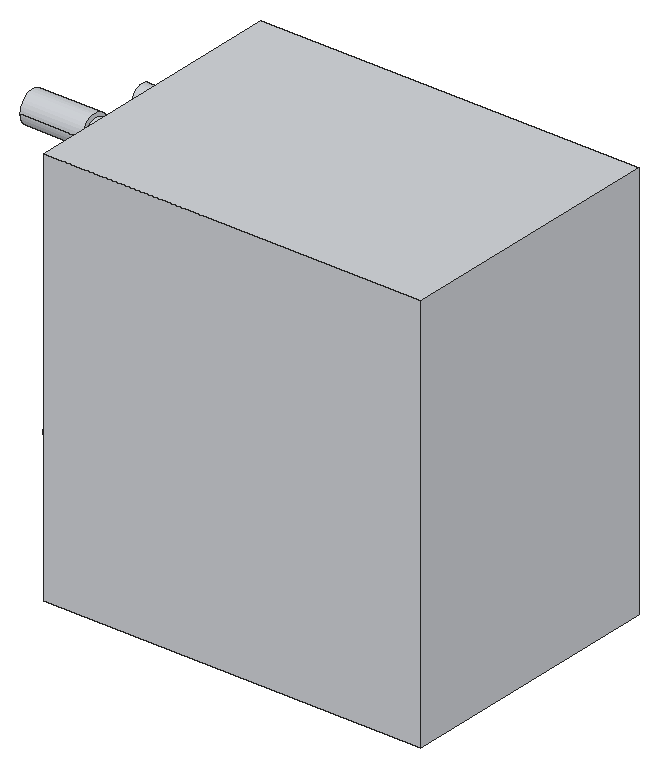
Revit family "Little Amp_Bfit 400C_V-1000C_V Boiler and Water Heater", category Mechanical Equipment, Revit 2026
Family settings
  Round Connector Dimension = Use Diameter
  Part Type = Normal
  Classification Number = 23.75.00.00
  Work Plane-Based = No
  Always vertical = Yes
  Cut with Voids When Loaded = No
  Maintain Annotation Orientation = No
  Shared = No
  Room Calculation Point = No
Parameters (values of type "AMP 400C/V Boiler and Water Heater")
  Width = 26 1/8"
  Vent Y = 19 3/4"
  Vent X = 16.121"
  Vent Length = 5 145/256"
  Vent O.D. = 4.98"
  Vent I.D. = 4.548"
  Length = 36 5/16"
  Height = 38 69/128"
  Voltage = ""
  Vent = "4\""
  Manufacturer = "Bryan Steam"  # constant formula
  Hydronic Supply = "2\" NPT Female"
  Hydronic Return = "2\" NPT Male"
  Gas Train Y = 27 3/4"
  Gas Train X = 23 3/16"
  Gas Train Dia. = 1.05"
  Gas Train Ball Valve Y = 27 3/4"
  Gas Train Ball Valve X = 23 3/16"
  Gas Train Ball Valve Dia. = 1 1/2"
  Gas Train = "3/4\" NPT Female"
  Default Elevation = 0"
  Condensate Trap = "1\" Pipe"
  Boiler Drain = "3/4\" NPT Female"
  Air Supply Y = 12 1/4"
  Air Supply X = 5 5/8"
  Air Supply Length = 2 69/128"
  Air Supply O.D. = 5 1/16"
  Air Supply I.D. = 4.53"
  Air Supply = "4\""
Types (6): name | Vent Length | Vent O.D. | Vent I.D. | Length | Vent | Gas Train Dia. | Gas Train Ball Valve Dia. | Gas Train | Air Supply Length | Air Supply O.D. | Air Supply I.D. | Air Supply
  (no name) | 5 145/256" | 4.98" | 4.548" | 36 5/16" | "4\"" | 1.05" | 1 1/2" | "3/4\" NPT Female" | 2 69/128" | 5 1/16" | 4.53" | "4\""
  AMP 500C/V Boiler and Water Heater | 5 145/256" | 4.98" | 4.548" | 36 5/16" | "4\"" | 1.05" | 1 1/2" | "3/4\" NPT Female" | 2 69/128" | 5 1/16" | 4.53" | "4\""
  AMP 400C/V Boiler and Water Heater | 5 145/256" | 4.98" | 4.548" | 36 5/16" | "4\"" | 1.05" | 1 1/2" | "3/4\" NPT Female" | 2 69/128" | 5 1/16" | 4.53" | "4\""
  AMP 650C/V Boiler and Water Heater | 7 21/256" | 7 31/256" | 6 43/64" | 52 1/8" | "6\"" | 1 81/256" | 1 201/256" | "1\" NPT Female" | 1 111/256" | 5 7/8" | 5 149/256" | "6\""
  AMP 800C/V Boiler and Water Heater | 7 21/256" | 7 31/256" | 6 43/64" | 52 1/8" | "6\"" | 1 81/256" | 1 201/256" | "1\" NPT Female" | 1 111/256" | 5 7/8" | 5 149/256" | "6\""
  AMP 1000C/V Boiler and Water Heater | 7 21/256" | 7 31/256" | 6 43/64" | 52 1/8" | "6\"" | 1 81/256" | 1 201/256" | "1\" NPT Female" | 1 111/256" | 5 7/8" | 5 149/256" | "6\""
Reference planes (in)
  plane 1 "Center (Front/Back)": y = 0
  plane 2: z = 0
  plane 3 "Center (Left/Right)": x = 0
Forms (in)
  Extrusion 1, solid
    sketch origin (0, 0, 0) x (1, 0, 0) y (0, 1, 0)
      loop
        line (-18.15625, 13.0625) -> (-18.15625, -13.0625) -> (18.15625, -13.0625) -> (18.15625, 13.0625) -> (-18.15625, 13.0625)
    from 0 to 38.53906
  Extrusion 2, solid
    sketch origin (-18.15625, -13.0625, 0) x (0, 1, 0) y (0, 0, -1)
      loop
        circle (5.625, -12.25) r 2.53125
      loop
        circle (5.625, -12.25) r 2.265
    from 0 to 2.53906 <- "Air Supply Length"
  Extrusion 3, solid
    sketch origin (-18.15625, -13.0625, 0) x (0, 1, 0) y (0, 0, -1)
      loop
        circle (16.625, -3.625) r 0.6575
    from 0 to 3.85547
  Extrusion 4, solid
    sketch origin (-18.15625, -13.0625, 0) x (0, 1, 0) y (0, 0, -1)
      loop
        circle (16.121, -19.75) r 2.49
      loop
        circle (16.121, -19.75) r 2.274
    from 0 to 5.56641 <- "Vent Length"
  Extrusion 5, solid
    sketch origin (-18.15625, -13.0625, 0) x (0, 1, 0) y (0, 0, -1)
      loop
        circle (16.121, -35.097) r 1.1875
    from 0 to 3.43359
  Extrusion 6, solid
    sketch origin (-18.15625, -13.0625, 0) x (0, 1, 0) y (0, 0, -1)
      loop
        circle (16.121, -26.5) r 0.525
    from 0 to 4.19531
  Extrusion 7, solid
    sketch origin (-18.15625, -13.0625, 0) x (0, 1, 0) y (0, 0, -1)
      loop
        circle (23.1875, -27.75) r 0.525
    from 0 to 1.24219
  Extrusion 8, solid
    sketch origin (-18.15625, -13.0625, 0) x (0, 1, 0) y (0, 0, -1)
      loop
        circle (9.881, -35.097) r 1.1875
    from 0 to 2.97656
  Extrusion 9, solid
    sketch origin (-22.35156, -13.0625, 0) x (0, 1, 0) y (0, 0, -1)
      loop
        circle (16.121, -26.5) r 0.763
    from 0 to 2.36328
  Extrusion 10, solid
    sketch origin (-19.39844, -13.0625, 0) x (0, 1, 0) y (0, 0, -1)
      loop
        circle (23.1875, -27.75) r 0.75
    from 0 to 2.67188
  Extrusion 11, solid
    sketch origin (-21.13281, -13.0625, 0) x (0, 1, 0) y (0, 0, -1)
      loop
        circle (9.8773, -35.09617) r 1.5
    from 0 to 6
  Extrusion 12, void
    sketch origin (-18.15625, -13.0625, 0) x (0, -1, 0) y (0, 0, -1)
      loop
        circle (-9.8125, -21.716) r 0.4375
      loop
        circle (-6.8125, -21.716) r 0.4375
      loop
        circle (-3.8125, -21.716) r 0.4375
    from 0 to 0.5
Cuts and joins
  Extrusion 12 cuts Extrusion 1
Dimensions and locks (in)
  "Height": Extrusion 1 to level
  equal spacing: Extrusion 1 sketch curve, plane 3 "Center (Left/Right)", Extrusion 1 sketch curve
  "Length": Extrusion 1 sketch curve to Extrusion 1 sketch curve
  equal spacing: Extrusion 1 sketch curve, plane 1 "Center (Front/Back)", Extrusion 1 sketch curve
  "Width": Extrusion 1 sketch curve to Extrusion 1 sketch curve
  "Air Supply Y": Extrusion 1 to Extrusion 2 sketch curve  (x2)
  "Vent X": Extrusion 4 sketch curve to Extrusion 1  (x2)
  locked: Extrusion 5 sketch curve to Extrusion 1 at 16.121
  locked: Extrusion 1 to Extrusion 5 sketch curve at 35.097
  "Air Supply X": Extrusion 2 sketch curve to Extrusion 1  (x2)
  "Vent Y": Extrusion 1 to Extrusion 4 sketch curve  (x2)
  locked: Extrusion 1 to Extrusion 6 sketch curve at 26.5
  locked: Extrusion 6 sketch curve to Extrusion 1 at 16.121
  "Gas Train X": Extrusion 7 sketch curve to Extrusion 1
  "Gas Train Y": Extrusion 1 to Extrusion 7 sketch curve
  locked: Extrusion 1 to Extrusion 8 sketch curve at 35.097
  locked: Extrusion 8 sketch curve to Extrusion 1 at 9.881
  locked: Extrusion 9 sketch curve to Extrusion 1 at 16.121
  locked: Extrusion 1 to Extrusion 9 sketch curve at 26.5
  "Gas Train Ball Valve Y": Extrusion 1 to Extrusion 10 sketch curve
  "Gas Train Ball Valve X": Extrusion 10 sketch curve to Extrusion 1
  locked: Extrusion 1 to Extrusion 3 sketch curve at 9.5
  locked: Extrusion 1 to Extrusion 3 sketch curve at 3.625
  locked: Extrusion 11 sketch curve to Extrusion 1 at 9.8773
  locked: Extrusion 1 to Extrusion 11 sketch curve at 35.09617
  locked: Extrusion 1 to Extrusion 12 sketch curve at 21.716  (x3)
  locked: Extrusion 1 to Extrusion 12 sketch curve at 3.8125
  locked: Extrusion 1 to Extrusion 12 sketch curve at 6.8125
  locked: Extrusion 1 to Extrusion 12 sketch curve at 9.8125
  "Gas Train Dia.": diameter of Extrusion 7 sketch curve
  "Gas Train Ball Valve Dia.": diameter of Extrusion 10 sketch curve
  "Air Supply O.D.": diameter of Extrusion 2 sketch curve
  "Air Supply I.D.": diameter of Extrusion 2 sketch curve
  "Vent I.D.": diameter of Extrusion 4 sketch curve
  "Vent O.D.": diameter of Extrusion 4 sketch curve
  diameter of Extrusion 3 sketch curve = 1.315"
  diameter of Extrusion 11 sketch curve = 3"
  diameter of Extrusion 12 sketch curve = 7/8"  (x3)
  aligned and locked: level to plane 2
Automatic sketch dimensions
  radius of Extrusion 5 sketch curve = 1 3/16"
  radius of Extrusion 6 sketch curve = 0.525"
  radius of Extrusion 8 sketch curve = 1 3/16"
  radius of Extrusion 9 sketch curve = 0.763"
Connectors (in)
  piping at (-21.58984, 3.0585, 35.097), diameter 2
    settings: on Extrusion 5, index 1, connector inside diameter 24", connector length 0", flow factor 0, pipe flow 0 GPM, pressure drop 0.00 psi, fitting loss kfactor 0, connector angle 0.00°, fixture units 0, engagement length 0", angle of deflection 0.00°, flow configuration 0, flow direction 1, fitting loss method 0, system type 8, joint type 0, gender type 0, connector reference index -1, connector utility 0, adjustable connector no, is connector primary yes, connector description ""
  piping at (-24.71484, 3.0585, 26.5), diameter 0.75
    settings: on Extrusion 9, index 3, connector inside diameter 24", connector length 0", flow factor 0, pipe flow 0 GPM, pressure drop 0.00 psi, fitting loss kfactor 0, connector angle 0.00°, fixture units 0, engagement length 0", angle of deflection 0.00°, flow configuration 0, flow direction 2, fitting loss method 0, system type 22, joint type 0, gender type 0, connector reference index -1, connector utility 0, adjustable connector no, is connector primary no, connector description ""
  piping at (-22.07031, 10.125, 27.75), diameter 1.05, driven by "Gas Train Dia."
    settings: on Extrusion 10, index 4, connector inside diameter 24", connector length 0", flow factor 0, pipe flow 0 GPM, pressure drop 0.00 psi, fitting loss kfactor 0, connector angle 0.00°, fixture units 0, engagement length 0", angle of deflection 0.00°, flow configuration 0, flow direction 1, fitting loss method 0, system type 22, joint type 0, gender type 0, connector reference index -1, connector utility 0, adjustable connector no, is connector primary no, connector description ""
  piping at (-22.01172, 3.5625, 3.625), diameter 1
    settings: on Extrusion 3, index 5, connector inside diameter 24", connector length 0", flow factor 0, pipe flow 0 GPM, pressure drop 0.00 psi, fitting loss kfactor 0, connector angle 0.00°, fixture units 0, engagement length 0", angle of deflection 0.00°, flow configuration 0, flow direction 2, fitting loss method 0, system type 22, joint type 0, gender type 0, connector reference index -1, connector utility 0, adjustable connector no, is connector primary no, connector description ""
  piping at (-27.13281, -3.1852, 35.09617), diameter 2
    settings: on Extrusion 11, index 8, connector inside diameter 24", connector length 0", flow factor 0, pipe flow 0 GPM, pressure drop 0.00 psi, fitting loss kfactor 0, connector angle 0.00°, fixture units 0, engagement length 0", angle of deflection 0.00°, flow configuration 0, flow direction 2, fitting loss method 0, system type 7, joint type 0, gender type 0, connector reference index -1, connector utility 0, adjustable connector no, is connector primary no, connector description ""
  cabletrayconduit at (-18.15625, -3.25, 21.716), diameter 0.5
    settings: on cut or joined group of Extrusion 1, Extrusion 12, index 9, connector width 12", connector height 12", connector angle 0.00°, system type 32, placement type 0, profile type 0, connector reference index -1, is primary connector yes, connector utility param no, connector description ""
  cabletrayconduit at (-18.15625, -6.25, 21.716), diameter 0.5
    settings: on cut or joined group of Extrusion 1, Extrusion 12, index 10, connector width 12", connector height 12", connector angle 0.00°, system type 32, placement type 0, profile type 0, connector reference index -1, is primary connector no, connector utility param no, connector description ""
  cabletrayconduit at (-18.15625, -9.25, 21.716), diameter 0.5
    settings: on cut or joined group of Extrusion 1, Extrusion 12, index 11, connector width 12", connector height 12", connector angle 0.00°, system type 32, placement type 0, profile type 0, connector reference index -1, is primary connector no, connector utility param no, connector description ""
  hvac at (-20.69531, -7.4375, 12.25), driven by "Air Supply I.D."
    settings: on Extrusion 2, index 12, duct flow 0 CFM, flow factor 0, pres drop 0.00 in-wg, loss coef 0, conn angle 0.00°, conn width 12", conn height 12", conn diameter 4.53", duct sys type 1, conn prof type 0, flow config 0, flow direction 1, loss method 0, conn ref index -1, conn util no, is conn primary yes, conn desc ""
  hvac at (-23.72266, 3.0585, 19.75), driven by "Vent I.D."
    settings: on Extrusion 4, index 13, duct flow 0 CFM, flow factor 0, pres drop 0.00 in-wg, loss coef 0, conn angle 0.00°, conn width 12", conn height 12", conn diameter 4.548", duct sys type 3, conn prof type 0, flow config 0, flow direction 2, loss method 0, conn ref index -1, conn util no, is conn primary no, conn desc ""
